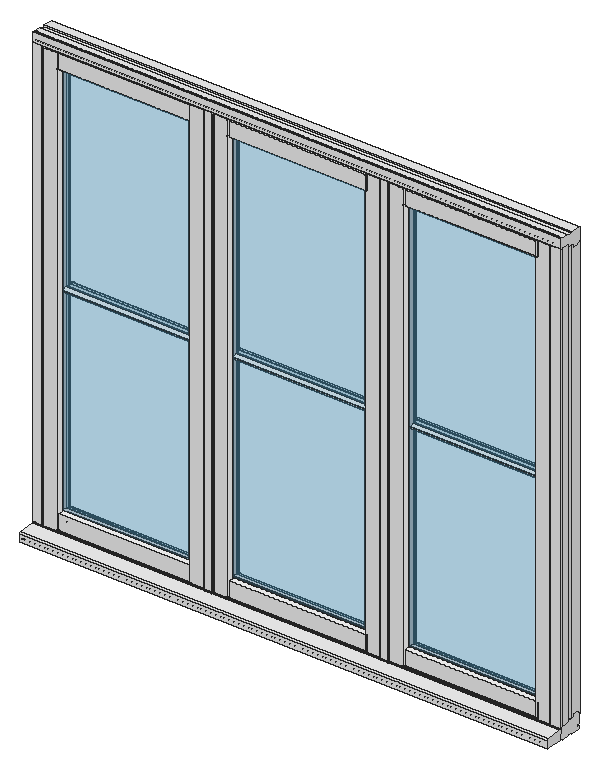
Revit family "C3-2P", category Windows, host Wall, Revit 2012
Parameters
  metal = Matel
  Wood = WindowColor
  Str.Tolrance = 11.0 mm
  Height = 1770.0 mm
  Glass = Glass
  Default Sill Height = 914.4 mm
  Wall Closure = By host
  Width = 2078.0 mm
Reference planes
  plane 1 "Center (Front/Back)": y = 0
  plane 2: z = 0
  plane 3 "Center (Left/Right)": x = 0
  plane 4 "Left": x = -1039
  plane 5 "Right": x = 1039
  plane 6 "Sill": z = 914.4
  plane 7 "Top": z = 2684.4
  plane 8: y = 33.076
  plane 9: z = 2648.4
  plane 10: x = 999
  plane 11: x = -999
  plane 12: z = 2644.4
  plane 13: z = 962.4
  plane 14: x = 941
  plane 15: x = -941
  plane 16: z = 1024.4
  plane 17: z = 2586.4
  plane 18: z = 2628.4
  plane 19: z = 1799.4
  plane 20: x = 346.333
  plane 21: x = -346.333
  plane 22: z = 952.4
  plane 23: x = 32.529
  plane 24: x = 364.333
  plane 25: x = 328.333
  plane 26: x = -364.333
  plane 27: x = -328.333
  plane 28: x = -230.333
Forms (mm)
  Sweep 1, solid, material "Matel" <- "metal"
    path origin (0, 0, 0) x (1, 0, 0) y (0, 0, 1)
      loop
        line (1039, 914.4) -> (1039, 2648.4)
    profile origin (1039, 0, 1781.4) x (-1, 0, 0) y (0, -1, 0)
      loop
        line (0, -10) -> (0, -47) -> (43, -47) -> (43, -44)
        arc (43, -44) -> (50.071, -41.071) -> (53, -34) r 10
        line (53, -34) -> (56, -34) -> (56, -18) -> (36, -18) -> (36, -14) -> (44, -14) -> (44, -4) -> (36, -4) -> (36, -1) -> (44, -1) -> (44, 7) -> (36, 7) -> (36, 31.727)
        arc (36, 31.727) -> (34.922, 33.441) -> (33, 34.079) r 3
        line (33, 34.079) -> (33, 41)
        arc (33, 41) -> (34.834, 41.499) -> (36, 43) r 3
        line (36, 43) -> (36, 47) -> (0, 47) -> (0, 42) -> (2, 42)
        arc (2, 42) -> (5, 39) -> (2, 36) r 3
        line (2, 36) -> (0, 36) -> (0, 10) -> (5, 10) -> (5, -10) -> (0, -10)
  Sweep 2, solid, material "Matel" <- "metal"
    path origin (0, 0, 0) x (1, 0, 0) y (0, 0, 1)
      loop
        line (999, 957.333) -> (999, 2644.4)
    profile origin (999, 0, 1800.867) x (-1, 0, 0) y (0, -1, 0)
      loop
        arc (8, -12.5) -> (8.879, -14.621) -> (11, -15.5) r 3
        line (11, -15.5) -> (52, -15.5) -> (52, 32.5) -> (68, 32.5) -> (68, 34.5) -> (58, 44.5) -> (3, 44.5)
        arc (3, 44.5) -> (0.879, 43.621) -> (0, 41.5) r 3
        line (0, 41.5) -> (0, 39.5)
        arc (0, 39.5) -> (0.879, 37.379) -> (3, 36.5) r 3
        line (3, 36.5) -> (8, 36.5) -> (8, 25.5)
        arc (8, 25.5) -> (8.586, 24.086) -> (10, 23.5) r 2
        line (10, 23.5) -> (10, 5.5)
        arc (10, 5.5) -> (8.586, 4.914) -> (8, 3.5) r 2
        line (8, 3.5) -> (8, -12.5)
  Sweep 3, solid, material "Matel" <- "metal"
    path origin (0, 0, 0) x (-1, 0, 0) y (0, 0, 1)
      loop
        line (1039, 914.4) -> (1039, 2648.4)
    profile origin (-1039, 0, 1781.4) x (-1, 0, 0) y (0, -1, 0)
      loop
        line (0, -10) -> (-5, -10) -> (-5, 10) -> (0, 10) -> (0, 36) -> (-2, 36)
        arc (-2, 36) -> (-5, 39) -> (-2, 42) r 3
        line (-2, 42) -> (0, 42) -> (0, 47) -> (-36, 47) -> (-36, 43)
        arc (-36, 43) -> (-34.834, 41.499) -> (-33, 41) r 3
        line (-33, 41) -> (-33, 34.079)
        arc (-33, 34.079) -> (-34.922, 33.441) -> (-36, 31.727) r 3
        line (-36, 31.727) -> (-36, 7) -> (-44, 7) -> (-44, -1) -> (-36, -1) -> (-36, -4) -> (-44, -4) -> (-44, -14) -> (-36, -14) -> (-36, -18) -> (-56, -18) -> (-56, -34) -> (-53, -34)
        arc (-53, -34) -> (-50.071, -41.071) -> (-43, -44) r 10
        line (-43, -44) -> (-43, -47) -> (0, -47) -> (0, -10)
  Sweep 4, solid, material "Matel" <- "metal"
    path origin (-2484.788, 0, 2651.344) x (0, 0, 1) y (1, 0, 0)
      loop
        line (33.056, 1445.788) -> (33.056, 3523.788)
    profile origin (0, 0, 2684.4) x (0, 0, 1) y (0, -1, 0)
      loop
        line (0, -10) -> (-5, -10) -> (-5, 10) -> (0, 10) -> (0, 36) -> (-2, 36)
        arc (-2, 36) -> (-5, 39) -> (-2, 42) r 3
        line (-2, 42) -> (0, 42) -> (0, 47) -> (-36, 47) -> (-36, 43)
        arc (-36, 43) -> (-34.834, 41.499) -> (-33, 41) r 3
        line (-33, 41) -> (-33, 34.079)
        arc (-33, 34.079) -> (-34.922, 33.441) -> (-36, 31.727) r 3
        line (-36, 31.727) -> (-36, 7) -> (-44, 7) -> (-44, -1) -> (-36, -1) -> (-36, -4) -> (-44, -4) -> (-44, -14) -> (-36, -14) -> (-36, -18) -> (-56, -18) -> (-56, -34) -> (-53, -34)
        arc (-53, -34) -> (-50.071, -41.071) -> (-43, -44) r 10
        line (-43, -44) -> (-43, -47) -> (0, -47) -> (0, -10)
  Sweep 5, solid, material "Matel" <- "metal"
    path origin (0, 0, 0) x (1, 0, 0) y (0, 0, 1)
      loop
        line (1039, 914.4) -> (-1039, 914.4)
    profile origin (0, 0, 914.4) x (0, 0, -1) y (0, -1, 0)
      loop
        line (-55, -46) -> (-20, -46) -> (-20, -36) -> (-10, -36) -> (-10, -46) -> (0, -46) -> (0, -9) -> (-5, -9) -> (-5, 11) -> (0, 11) -> (0, 37) -> (-2, 37)
        arc (-2, 37) -> (-5, 40) -> (-2, 43) r 3
        line (-2, 43) -> (0, 43) -> (0, 48) -> (-23, 48) -> (-23, 43) -> (-38, 43) -> (-38, 48) -> (-41, 48)
        arc (-41, 48) -> (-42.414, 47.414) -> (-43, 46) r 2
        line (-43, 46) -> (-48, 6) -> (-53, 6) -> (-56, -17) -> (-57, -17) -> (-57, -23) -> (-60, -23) -> (-60, -17) -> (-68, -17) -> (-68, -33) -> (-65, -33)
        arc (-65, -33) -> (-62.071, -40.071) -> (-55, -43) r 10
        line (-55, -43) -> (-55, -46)
  Sweep 6, solid, material "Matel" <- "metal"
    path origin (0, 0, 0) x (1, 0, 0) y (0, 0, 1)
      loop
        line (1039, 914.4) -> (-1039, 914.4)
    profile origin (0, 0, 914.4) x (0, 0, -1) y (0, -1, 0)
      loop
        line (-2, 103) -> (0, 103) -> (0, 108) -> (-28, 108)
        arc (-28, 108) -> (-30.068, 107.174) -> (-30.996, 105.149) r 3
        line (-30.996, 105.149) -> (-38, 48) -> (-38, 43) -> (-23, 43) -> (-23, 48) -> (0, 48) -> (0, 97) -> (-2, 97)
        arc (-2, 97) -> (-5, 100) -> (-2, 103) r 3
  Sweep 7, solid, material "Matel" <- "metal"
    path origin (0, 0, 0) x (1, 0, 0) y (0, 0, 1)
      loop
        line (947, 957.4) -> (416.333, 957.4)
    profile origin (681.667, 0, 957.4) x (0, 0, -1) y (0, -1, 0)
      loop
        line (-12, -13) -> (-12, 3)
        arc (-12, 3) -> (-12.586, 4.414) -> (-14, 5) r 2
        line (-14, 5) -> (-14, 23)
        arc (-14, 23) -> (-12.586, 23.586) -> (-12, 25) r 2
        line (-12, 25) -> (-12, 36) -> (-3, 36)
        arc (-3, 36) -> (-0.879, 36.879) -> (0, 39) r 3
        line (0, 39) -> (0, 41)
        arc (0, 41) -> (-0.879, 43.121) -> (-3, 44) r 3
        line (-3, 44) -> (-62, 44) -> (-72, 34) -> (-72, 32) -> (-56, 32) -> (-56, -16) -> (-15, -16)
        arc (-15, -16) -> (-12.879, -15.121) -> (-12, -13) r 3
  Sweep 8, solid, material "Matel" <- "metal"
    path origin (0, 0, 0) x (1, 0, 0) y (0, 0, 1)
      loop
        line (-422.333, 2586.4) -> (-941, 2586.4) -> (-941, 1019.4) -> (-422.333, 1019.4) -> (-422.333, 2586.4)
    profile origin (-681.667, 0, 2586.4) x (0, 0, -1) y (0, -1, 0)
      loop
        line (-1, -10) -> (-1, -7)
        arc (-1, -7) -> (4.657, -4.657) -> (7, 1) r 8
        line (7, 1) -> (10, 1) -> (10, 5) -> (6, 6) -> (6, 9) -> (-6, 9) -> (-6, -10) -> (-1, -10)
  Sweep 9, solid
    path origin (0, 0, 0) x (1, 0, 0) y (0, 0, 1)
      loop
        line (-422.333, 2586.4) -> (-941, 2586.4) -> (-941, 1024.4) -> (-422.333, 1024.4) -> (-422.333, 2586.4)
    profile origin (-681.667, 0, 2586.4) x (0, 0, -1) y (0, -1, 0)
      loop
        line (-6, 13.165) -> (4, 13.165) -> (4, 29.165) -> (-6, 29.165) -> (-6, 13.165)
  Sweep 10, void
    path origin (0, 0, 0) x (1, 0, 0) y (0, 1, 0)
      loop
        line (-1039, 0) -> (1039, 0)
    profile origin (0, 0, 0) x (0, 1, 0) y (0, 0, 1)
      loop
        line (46, 969.4) -> (43, 969.4)
        arc (43, 969.4) -> (40.071, 976.471) -> (33, 979.4) r 10
        line (33, 979.4) -> (33, 982.4) -> (17, 982.4) -> (17, 974.4) -> (23, 974.4) -> (23, 971.4) -> (17, 971.4) -> (17, 970.4) -> (-6, 967.4) -> (-6, 962.4) -> (-46, 957.4)
        arc (-46, 957.4) -> (-47.414, 956.814) -> (-48, 955.4) r 2
        line (-48, 955.4) -> (-48, 952.4) -> (-80.364, 948.378) -> (-105.37, 945.377) -> (-130.37, 942.377)
        arc (-130.37, 942.377) -> (-132.248, 941.386) -> (-133, 939.4) r 3
        line (-133, 939.4) -> (-133, 909.4) -> (57, 909.4) -> (57, 969.4) -> (46, 969.4)
  Sweep 11, void
    path origin (0, 0, 0) x (1, 0, 0) y (0, 1, 0)
      loop
        line (-1039, 0) -> (1039, 0)
    profile origin (0, 0, 0) x (0, 1, 0) y (0, 0, 1)
      loop
        line (47, 2641.4) -> (57, 2641.4) -> (57, 2691.4) -> (-58, 2691.4) -> (-58, 2648.4) -> (-47, 2648.4) -> (-43, 2648.4)
        arc (-43, 2648.4) -> (-41.499, 2649.566) -> (-41, 2651.4) r 3
        line (-41, 2651.4) -> (-34.079, 2651.4)
        arc (-34.079, 2651.4) -> (-33.441, 2649.478) -> (-31.727, 2648.4) r 3
        line (-31.727, 2648.4) -> (-7, 2648.4) -> (-7, 2640.4) -> (1, 2640.4) -> (1, 2648.4) -> (4, 2648.4) -> (4, 2640.4) -> (14, 2640.4) -> (14, 2648.4) -> (18, 2648.4) -> (18, 2628.4) -> (34, 2628.4) -> (34, 2631.4)
        arc (34, 2631.4) -> (41.071, 2634.329) -> (44, 2641.4) r 10
        line (44, 2641.4) -> (47, 2641.4)
  Sweep 12, solid, material "Matel" <- "metal"
    path origin (0, 0, 0) x (1, 0, 0) y (0, 0, 1)
      loop
        line (941, 1799.4) -> (-941, 1799.4)
    profile origin (0, 0, 1799.4) x (0, 0, -1) y (0, -1, 0)
      loop
        line (10, -10.711) -> (-10, -10.711) -> (-10, -16.711) -> (-8, -16.711) -> (-8, -19.211)
        arc (-8, -19.211) -> (-6.294, -23.727) -> (-2.5, -26.711) r 9
        line (-2.5, -26.711) -> (-2.5, -28.711) -> (2.5, -28.711) -> (2.5, -26.711)
        arc (2.5, -26.711) -> (6.294, -23.727) -> (8, -19.211) r 9
        line (8, -19.211) -> (8, -16.711) -> (10, -16.711) -> (10, -10.711)
      loop
        line (10, 18.378) -> (2.551, 26.532) -> (2.551, 28.532) -> (-2.449, 28.532) -> (-2.449, 26.532) -> (-10, 15.578) -> (10, 15.578) -> (10, 18.378)
  Sweep 13, solid, material "Matel" <- "metal"
    path origin (0, 0, 0) x (1, 0, 0) y (0, 0, 1)
      loop
        line (941, 1799.4) -> (-941, 1799.4)
    profile origin (0, 0, 1799.4) x (0, 0, -1) y (0, -1, 0)
      loop
        line (10, -5.465) -> (10, 10.535) -> (-10, 10.535) -> (-10, -5.465) -> (10, -5.465)
  Sweep 14, solid, material "Matel" <- "metal"
    path origin (0, 0, 0) x (1, 0, 0) y (0, 0, 1)
      loop
        line (346.333, 2648.4) -> (346.333, 952.4)
    profile origin (346.333, 0, 1800.4) x (0, -1, 0) y (1, 0, 0)
      loop
        line (43, -13.953) -> (47, -13.953) -> (47, 14.047) -> (43, 14.047)
        arc (43, 14.047) -> (41.586, 13.461) -> (41, 12.047) r 2
        line (41, 12.047) -> (41, 11.047) -> (34, 11.047) -> (34, 12.047)
        arc (34, 12.047) -> (33.414, 13.461) -> (32, 14.047) r 2
        line (32, 14.047) -> (7, 14.047) -> (7, 20.047) -> (-1, 20.047) -> (-1, 14.047) -> (-4, 14.047) -> (-4, 22.047) -> (-14, 22.047) -> (-14, 14.047) -> (-18, 14.047) -> (-18, 34.047) -> (-34, 34.047) -> (-34, 31.047)
        arc (-34, 31.047) -> (-41.071, 28.118) -> (-44, 21.047) r 10
        line (-44, 21.047) -> (-47, 21.047) -> (-47, -20.953) -> (-44, -20.953)
        arc (-44, -20.953) -> (-41.071, -28.024) -> (-34, -30.953) r 10
        line (-34, -30.953) -> (-34, -33.953) -> (-18, -33.953) -> (-18, -13.953) -> (-14, -13.953) -> (-14, -21.953) -> (-4, -21.953) -> (-4, -13.953) -> (-1, -13.953) -> (-1, -19.953) -> (7, -19.953) -> (7, -13.953) -> (32, -13.953)
        arc (32, -13.953) -> (33.414, -13.367) -> (34, -11.953) r 2
        line (34, -11.953) -> (34, -10.953) -> (41, -10.953) -> (41, -11.953)
        arc (41, -11.953) -> (41.586, -13.367) -> (43, -13.953) r 2
  Sweep 15, solid, material "Matel" <- "metal"
    path origin (0, 0, 0) x (-1, 0, 0) y (0, 0, 1)
      loop
        line (346.333, 2648.4) -> (346.333, 952.4)
    profile origin (-346.333, 0, 1800.4) x (0, -1, 0) y (1, 0, 0)
      loop
        arc (43, 13.953) -> (41.586, 13.367) -> (41, 11.953) r 2
        line (41, 11.953) -> (41, 10.953) -> (34, 10.953) -> (34, 11.953)
        arc (34, 11.953) -> (33.414, 13.367) -> (32, 13.953) r 2
        line (32, 13.953) -> (7, 13.953) -> (7, 19.953) -> (-1, 19.953) -> (-1, 13.953) -> (-4, 13.953) -> (-4, 21.953) -> (-14, 21.953) -> (-14, 13.953) -> (-18, 13.953) -> (-18, 33.953) -> (-34, 33.953) -> (-34, 30.953)
        arc (-34, 30.953) -> (-41.071, 28.024) -> (-44, 20.953) r 10
        line (-44, 20.953) -> (-47, 20.953) -> (-47, -21.047) -> (-44, -21.047)
        arc (-44, -21.047) -> (-41.071, -28.118) -> (-34, -31.047) r 10
        line (-34, -31.047) -> (-34, -34.047) -> (-18, -34.047) -> (-18, -14.047) -> (-14, -14.047) -> (-14, -22.047) -> (-4, -22.047) -> (-4, -14.047) -> (-1, -14.047) -> (-1, -20.047) -> (7, -20.047) -> (7, -14.047) -> (32, -14.047)
        arc (32, -14.047) -> (33.414, -13.461) -> (34, -12.047) r 2
        line (34, -12.047) -> (34, -11.047) -> (41, -11.047) -> (41, -12.047)
        arc (41, -12.047) -> (41.586, -13.461) -> (43, -14.047) r 2
        line (43, -14.047) -> (47, -14.047) -> (47, 13.953) -> (43, 13.953)
  Sweep 16, solid, material "Matel" <- "metal"
    path origin (0, 0, 0) x (-1, 0, 0) y (0, 0, 1)
      loop
        line (999, 957.4) -> (999, 2644.4)
    profile origin (-999, 0, 1800.9) x (-1, 0, 0) y (0, -1, 0)
      loop
        line (-8, -12.5) -> (-8, 3.5)
        arc (-8, 3.5) -> (-8.586, 4.914) -> (-10, 5.5) r 2
        line (-10, 5.5) -> (-10, 23.5)
        arc (-10, 23.5) -> (-8.586, 24.086) -> (-8, 25.5) r 2
        line (-8, 25.5) -> (-8, 36.5) -> (-3, 36.5)
        arc (-3, 36.5) -> (-0.879, 37.379) -> (0, 39.5) r 3
        line (0, 39.5) -> (0, 41.5)
        arc (0, 41.5) -> (-0.879, 43.621) -> (-3, 44.5) r 3
        line (-3, 44.5) -> (-58, 44.5) -> (-68, 34.5) -> (-68, 32.5) -> (-52, 32.5) -> (-52, -15.5) -> (-11, -15.5)
        arc (-11, -15.5) -> (-8.879, -14.621) -> (-8, -12.5) r 3
  Sweep 17, solid, material "Matel" <- "metal"
    path origin (0, 0, 0) x (-1, 0, 0) y (0, 0, 1)
      loop
        line (-422.333, 2586.4) -> (-941, 2586.4) -> (-941, 1019.4) -> (-422.333, 1019.4) -> (-422.333, 2586.4)
    profile origin (681.667, 0, 2586.4) x (0, 0, 1) y (0, -1, 0)
      loop
        line (1, -10) -> (6, -10) -> (6, 9) -> (-6, 9) -> (-6, 6) -> (-10, 5) -> (-10, 1) -> (-7, 1)
        arc (-7, 1) -> (-4.657, -4.657) -> (1, -7) r 8
        line (1, -7) -> (1, -10)
  Sweep 18, solid, material "Matel" <- "metal"
    path origin (692.667, 0, 0) x (-1, 0, 0) y (0, 0, 1)
      loop
        line (1021, 957.4) -> (1021, 2644.4)
    profile origin (-328.333, 0, 1800.9) x (-1, 0, 0) y (0, -1, 0)
      loop
        line (-8, -12.5) -> (-8, 3.5)
        arc (-8, 3.5) -> (-8.586, 4.914) -> (-10, 5.5) r 2
        line (-10, 5.5) -> (-10, 23.5)
        arc (-10, 23.5) -> (-8.586, 24.086) -> (-8, 25.5) r 2
        line (-8, 25.5) -> (-8, 36.5) -> (-3, 36.5)
        arc (-3, 36.5) -> (-0.879, 37.379) -> (0, 39.5) r 3
        line (0, 39.5) -> (0, 41.5)
        arc (0, 41.5) -> (-0.879, 43.621) -> (-3, 44.5) r 3
        line (-3, 44.5) -> (-58, 44.5) -> (-68, 34.5) -> (-68, 32.5) -> (-52, 32.5) -> (-52, -15.5) -> (-11, -15.5)
        arc (-11, -15.5) -> (-8.879, -14.621) -> (-8, -12.5) r 3
  Sweep 19, solid, material "Matel" <- "metal"
    path origin (-692.667, 0, 0) x (1, 0, 0) y (0, 0, 1)
      loop
        line (1021, 957.4) -> (1021, 2644.4)
    profile origin (328.333, 0, 1800.9) x (-1, 0, 0) y (0, -1, 0)
      loop
        arc (8, -12.5) -> (8.879, -14.621) -> (11, -15.5) r 3
        line (11, -15.5) -> (52, -15.5) -> (52, 32.5) -> (68, 32.5) -> (68, 34.5) -> (58, 44.5) -> (3, 44.5)
        arc (3, 44.5) -> (0.879, 43.621) -> (0, 41.5) r 3
        line (0, 41.5) -> (0, 39.5)
        arc (0, 39.5) -> (0.879, 37.379) -> (3, 36.5) r 3
        line (3, 36.5) -> (8, 36.5) -> (8, 25.5)
        arc (8, 25.5) -> (8.586, 24.086) -> (10, 23.5) r 2
        line (10, 23.5) -> (10, 5.5)
        arc (10, 5.5) -> (8.586, 4.914) -> (8, 3.5) r 2
        line (8, 3.5) -> (8, -12.5)
  Sweep 20, solid, material "Matel" <- "metal"
    path origin (-4391.593, 0, -190.247) x (0, 0, 1) y (1, 0, 0)
      loop
        line (2834.647, 4115.259) -> (2834.647, 4667.926)
    profile origin (0, 0, 2644.4) x (0, 0, 1) y (0, -1, 0)
      loop
        line (-8, -13) -> (-8, 3)
        arc (-8, 3) -> (-8.586, 4.414) -> (-10, 5) r 2
        line (-10, 5) -> (-10, 23)
        arc (-10, 23) -> (-8.586, 23.586) -> (-8, 25) r 2
        line (-8, 25) -> (-8, 36) -> (-3, 36)
        arc (-3, 36) -> (-0.879, 36.879) -> (0, 39) r 3
        line (0, 39) -> (0, 41)
        arc (0, 41) -> (-0.879, 43.121) -> (-3, 44) r 3
        line (-3, 44) -> (-58, 44) -> (-68, 34) -> (-68, 32) -> (-52, 32) -> (-52, -16) -> (-11, -16)
        arc (-11, -16) -> (-8.879, -15.121) -> (-8, -13) r 3
  Sweep 21, solid, material "Matel" <- "metal"
    path origin (692.667, 0, 0) x (-1, 0, 0) y (0, 0, 1)
      loop
        line (969, 957.4) -> (416.333, 957.4)
    profile origin (0, 0, 957.4) x (0, 0, 1) y (0, -1, 0)
      loop
        arc (12, -13) -> (12.879, -15.121) -> (15, -16) r 3
        line (15, -16) -> (56, -16) -> (56, 32) -> (72, 32) -> (72, 34) -> (62, 44) -> (3, 44)
        arc (3, 44) -> (0.879, 43.121) -> (0, 41) r 3
        line (0, 41) -> (0, 39)
        arc (0, 39) -> (0.879, 36.879) -> (3, 36) r 3
        line (3, 36) -> (12, 36) -> (12, 25)
        arc (12, 25) -> (12.586, 23.586) -> (14, 23) r 2
        line (14, 23) -> (14, 5)
        arc (14, 5) -> (12.586, 4.414) -> (12, 3) r 2
        line (12, 3) -> (12, -13)
  Sweep 22, solid, material "Matel" <- "metal"
    path origin (-1385.333, 0, 0) x (1, 0, 0) y (0, 0, 1)
      loop
        line (969, 957.4) -> (438.333, 957.4)
    profile origin (-681.667, 0, 957.4) x (0, 0, -1) y (0, -1, 0)
      loop
        line (-12, -13) -> (-12, 3)
        arc (-12, 3) -> (-12.586, 4.414) -> (-14, 5) r 2
        line (-14, 5) -> (-14, 23)
        arc (-14, 23) -> (-12.586, 23.586) -> (-12, 25) r 2
        line (-12, 25) -> (-12, 36) -> (-3, 36)
        arc (-3, 36) -> (-0.879, 36.879) -> (0, 39) r 3
        line (0, 39) -> (0, 41)
        arc (0, 41) -> (-0.879, 43.121) -> (-3, 44) r 3
        line (-3, 44) -> (-62, 44) -> (-72, 34) -> (-72, 32) -> (-56, 32) -> (-56, -16) -> (-15, -16)
        arc (-15, -16) -> (-12.879, -15.121) -> (-12, -13) r 3
  Sweep 23, solid, material "Matel" <- "metal"
    path origin (692.667, 0, 0) x (1, 0, 0) y (0, 0, 1)
      loop
        line (-416.333, 2586.4) -> (-969, 2586.4) -> (-969, 1018.4) -> (-416.333, 1018.4) -> (-416.333, 2586.4)
    profile origin (0, 0, 2586.4) x (0, 0, -1) y (0, -1, 0)
      loop
        line (-1, -10) -> (-1, -7)
        arc (-1, -7) -> (4.657, -4.657) -> (7, 1) r 8
        line (7, 1) -> (10, 1) -> (10, 5) -> (6, 6) -> (6, 9) -> (-6, 9) -> (-6, -10) -> (-1, -10)
  Sweep 24, solid
    path origin (0, 0, 0) x (-1, 0, 0) y (0, 0, 1)
      loop
        line (-428.333, 2586.4) -> (-941, 2586.4) -> (-941, 1024.4) -> (-428.333, 1024.4) -> (-428.333, 2586.4)
    profile origin (684.667, 0, 2586.4) x (0, 0, 1) y (0, -1, 0)
      loop
        line (6, 13.165) -> (6, 29.165) -> (-4, 29.165) -> (-4, 13.165) -> (6, 13.165)
  Sweep 25, solid
    path origin (-692.667, 0, 0) x (-1, 0, 0) y (0, 0, 1)
      loop
        line (-422.333, 2586.4) -> (-963, 2586.4) -> (-963, 1024.4) -> (-422.333, 1024.4) -> (-422.333, 2586.4)
    profile origin (0, 0, 2586.4) x (0, 0, 1) y (0, -1, 0)
      loop
        line (6, 13.165) -> (6, 29.165) -> (-4, 29.165) -> (-4, 13.165) -> (6, 13.165)
  Extrusion 26, solid, material "Glass" <- "Glass"
    sketch origin (0, 0, 0) x (1, 0, 0) y (0, 0, 1)
      loop
        line (941, 2586.4) -> (422.333, 2586.4) -> (422.333, 1024.4) -> (941, 1024.4) -> (941, 2586.4)
    from 29.165 to 33.165
  Extrusion 27, solid, material "Glass" <- "Glass"
    sketch origin (0, -42.331, 0) x (1, 0, 0) y (0, 0, -1)
      loop
        line (941, -2586.4) -> (941, -1018.4) -> (422.333, -1018.4) -> (422.333, -2586.4) -> (941, -2586.4)
    from 29.165 to 33.165
  Extrusion 28, solid, material "Glass" <- "Glass"
    sketch origin (0, 0, 0) x (-1, 0, 0) y (0, 0, -1)
      loop
        line (941, -2586.4) -> (941, -1024.4) -> (416.333, -1024.4) -> (416.333, -2586.4) -> (941, -2586.4)
    from 29.165 to 33.165
  Extrusion 29, solid, material "Glass" <- "Glass"
    sketch origin (0, -42.331, 0) x (-1, 0, 0) y (0, 0, 1)
      loop
        line (941, 2586.4) -> (416.333, 2586.4) -> (416.333, 1018.4) -> (941, 1018.4) -> (941, 2586.4)
    from 29.165 to 33.165
  Extrusion 30, solid, material "Glass" <- "Glass"
    sketch origin (700, 0, 0) x (-1, 0, 0) y (0, 0, -1)
      loop
        line (976.333, -2586.4) -> (976.333, -1018.4) -> (423.667, -1018.4) -> (423.667, -2586.4) -> (976.333, -2586.4)
    from 29.165 to 33.165
  Extrusion 31, solid, material "Glass" <- "Glass"
    sketch origin (700, -42.331, 0) x (-1, 0, 0) y (0, 0, 1)
      loop
        line (976.333, 2586.4) -> (423.667, 2586.4) -> (423.667, 1018.4) -> (976.333, 1018.4) -> (976.333, 2586.4)
    from 29.165 to 33.165
  Sweep 32, solid, material "Matel" <- "metal"
    path origin (1369.333, 0, 0) x (-1, 0, 0) y (0, 0, 1)
      loop
        line (1005, 957.4) -> (1005, 2644.4)
    profile origin (364.333, 0, 1800.9) x (-1, 0, 0) y (0, -1, 0)
      loop
        line (-8, -12.5) -> (-8, 3.5)
        arc (-8, 3.5) -> (-8.586, 4.914) -> (-10, 5.5) r 2
        line (-10, 5.5) -> (-10, 23.5)
        arc (-10, 23.5) -> (-8.586, 24.086) -> (-8, 25.5) r 2
        line (-8, 25.5) -> (-8, 36.5) -> (-3, 36.5)
        arc (-3, 36.5) -> (-0.879, 37.379) -> (0, 39.5) r 3
        line (0, 39.5) -> (0, 41.5)
        arc (0, 41.5) -> (-0.879, 43.621) -> (-3, 44.5) r 3
        line (-3, 44.5) -> (-58, 44.5) -> (-68, 34.5) -> (-68, 32.5) -> (-52, 32.5) -> (-52, -15.5) -> (-11, -15.5)
        arc (-11, -15.5) -> (-8.879, -14.621) -> (-8, -12.5) r 3
  Sweep 33, solid, material "Matel" <- "metal"
    path origin (5187.233, 0, 2722.951) x (0, 0, 1) y (-1, 0, 0)
      loop
        line (-78.551, 4240.233) -> (-78.551, 4770.9)
    profile origin (681.667, 0, 2644.4) x (0, 0, -1) y (0, -1, 0)
      loop
        arc (8, -13) -> (8.879, -15.121) -> (11, -16) r 3
        line (11, -16) -> (52, -16) -> (52, 32) -> (68, 32) -> (68, 34) -> (58, 44) -> (3, 44)
        arc (3, 44) -> (0.879, 43.121) -> (0, 41) r 3
        line (0, 41) -> (0, 39)
        arc (0, 39) -> (0.879, 36.879) -> (3, 36) r 3
        line (3, 36) -> (8, 36) -> (8, 25)
        arc (8, 25) -> (8.586, 23.586) -> (10, 23) r 2
        line (10, 23) -> (10, 5)
        arc (10, 5) -> (8.586, 4.414) -> (8, 3) r 2
        line (8, 3) -> (8, -13)
  Sweep 34, solid, material "Matel" <- "metal"
    path origin (-1363.333, 0, 0) x (1, 0, 0) y (0, 0, 1)
      loop
        line (999, 957.4) -> (999, 2644.4)
    profile origin (-364.333, 0, 1800.9) x (-1, 0, 0) y (0, -1, 0)
      loop
        arc (8, -12.5) -> (8.879, -14.621) -> (11, -15.5) r 3
        line (11, -15.5) -> (52, -15.5) -> (52, 32.5) -> (68, 32.5) -> (68, 34.5) -> (58, 44.5) -> (3, 44.5)
        arc (3, 44.5) -> (0.879, 43.621) -> (0, 41.5) r 3
        line (0, 41.5) -> (0, 39.5)
        arc (0, 39.5) -> (0.879, 37.379) -> (3, 36.5) r 3
        line (3, 36.5) -> (8, 36.5) -> (8, 25.5)
        arc (8, 25.5) -> (8.586, 24.086) -> (10, 23.5) r 2
        line (10, 23.5) -> (10, 5.5)
        arc (10, 5.5) -> (8.586, 4.914) -> (8, 3.5) r 2
        line (8, 3.5) -> (8, -12.5)
  Sweep 35, solid, material "Matel" <- "metal"
    path origin (-801.328, 0, 3154.732) x (0, 0, 1) y (-1, 0, 0)
      loop
        line (-510.332, -384.995) -> (-510.332, 145.672)
    profile origin (-681.667, 0, 2644.4) x (0, 0, -1) y (0, -1, 0)
      loop
        arc (8, -13) -> (8.879, -15.121) -> (11, -16) r 3
        line (11, -16) -> (52, -16) -> (52, 32) -> (68, 32) -> (68, 34) -> (58, 44) -> (3, 44)
        arc (3, 44) -> (0.879, 43.121) -> (0, 41) r 3
        line (0, 41) -> (0, 39)
        arc (0, 39) -> (0.879, 36.879) -> (3, 36) r 3
        line (3, 36) -> (8, 36) -> (8, 25)
        arc (8, 25) -> (8.586, 23.586) -> (10, 23) r 2
        line (10, 23) -> (10, 5)
        arc (10, 5) -> (8.586, 4.414) -> (8, 3) r 2
        line (8, 3) -> (8, -13)
Cuts and joins
  Sweep 10, Sweep 11 cuts Sweep 1
  Sweep 10 cuts Sweep 2
  Sweep 10, Sweep 11 cuts Sweep 3
Lines and regions (mm)
  Opening 1
    outline origin (-1524, -47, 0) x (1, 0, 0) y (0, 0, 1)
      loop
        line (485, 2684.4) -> (485, 914.4) -> (2563, 914.4) -> (2563, 2684.4) -> (485, 2684.4)
Text (mm)
  text "EXTERIOR" at (-1490.695, 1293.036, 0), in view "Ref. Level"
  text "INTERIOR" at (-1490.695, -959.266, 0), in view "Ref. Level"
  text "Exterior" at (0, 1108.87, 3129.179), in view "Left"
  text "Exterior" at (0, 464.664, 3176.206), in view "Right"
Dimensions and locks
  equal spacing: plane 4 "Left", plane 3 "Center (Left/Right)", plane 5 "Right"
  "Height": plane 6 "Sill" to plane 7 "Top"
  "Default Sill Height": plane 2 to plane 6 "Sill"
  plane 6 "Sill" to plane 7 "Top" = 1770.0 mm
  "Width": plane 4 "Left" to plane 5 "Right"
  locked: plane 9 to plane 7 "Top" at 36
  plane 10 to plane 5 "Right" = 40.0 mm
  plane 11 to plane 4 "Left" = 40.0 mm
  locked: plane 12 to plane 7 "Top" at 40
  locked: plane 6 "Sill" to plane 13 at 48
  locked: plane 5 "Right" to plane 14 at 98
  locked: plane 4 "Left" to plane 15 at 98
  locked: plane 6 "Sill" to plane 16 at 110
  locked: plane 17 to plane 7 "Top" at 98
  equal spacing: plane 6 "Sill", plane 19, plane 7 "Top"
  locked: plane 6 "Sill" to plane 22 at 38
  equal spacing: plane 4 "Left", plane 21, plane 20, plane 5 "Right"
  equal spacing: plane 25, plane 20, plane 24
  equal spacing: plane 26, plane 21, plane 27
  locked: Extrusion 26 to Extrusion 26 at 4
  locked: Extrusion 27 to Extrusion 27 at 4
  locked: Extrusion 28 to Extrusion 28 at 4
  locked: Extrusion 29 to Extrusion 29 at 4
  locked: Extrusion 30 to Extrusion 30 at 4
  locked: Extrusion 31 to Extrusion 31 at 4
  aligned and locked: plane 7 "Top" to Opening 1 sketch curve
  aligned and locked: plane 6 "Sill" to Opening 1 sketch curve  (x2)
  aligned and locked: plane 5 "Right" to Opening 1 sketch curve
  aligned and locked: plane 4 "Left" to Opening 1 sketch curve
  aligned and locked: level to plane 2
  aligned and locked: plane 5 "Right" to Sweep 1 sketch curve
  aligned and locked: plane 10 to Sweep 2 sketch curve
  aligned and locked: plane 9 to Sweep 1 sketch curve
  aligned and locked: plane 4 "Left" to Sweep 3 sketch curve
  aligned and locked: plane 9 to Sweep 3 sketch curve
  aligned and locked: plane 5 "Right" to Sweep 4 sketch curve
  aligned and locked: plane 4 "Left" to Sweep 4 sketch curve
  aligned and locked: plane 4 "Left" to Sweep 5 sketch curve
  aligned and locked: plane 5 "Right" to Sweep 5 sketch curve
  aligned and locked: Sweep 8 sketch curve to plane 15
  aligned and locked: Sweep 8 sketch curve to plane 17
  aligned and locked: Sweep 9 sketch curve to plane 15
  aligned and locked: Sweep 9 sketch curve to plane 17
  aligned and locked: Sweep 9 sketch curve to plane 16
  aligned and locked: plane 6 "Sill" to Sweep 5
  aligned and locked: plane 6 "Sill" to Sweep 6
  aligned and locked: Sweep 4 to plane 7 "Top"
  aligned and locked: Sweep 7 sketch curve to Sweep 5
  aligned and locked: plane 14 to Sweep 12 sketch curve
  aligned and locked: plane 15 to Sweep 12 sketch curve
  aligned and locked: Sweep 12 sketch curve to plane 19
  aligned and locked: plane 14 to Sweep 13 sketch curve
  aligned and locked: plane 15 to Sweep 13 sketch curve
  aligned and locked: Sweep 13 sketch curve to plane 19
  aligned and locked: Sweep 14 sketch curve to plane 20
  aligned and locked: plane 22 to Sweep 14 sketch curve
  aligned and locked: plane 22 to Sweep 15 sketch curve
  aligned and locked: Sweep 15 sketch curve to plane 21
  aligned and locked: Sweep 16 sketch curve to plane 11
  aligned and locked: Sweep 8 sketch curve to Sweep 7
  aligned and locked: plane 14 to Sweep 17 sketch curve
  aligned and locked: plane 17 to Sweep 17 sketch curve
  aligned and locked: Sweep 17 sketch curve to Sweep 7
  aligned and locked: Sweep 18 sketch curve to plane 27
  aligned and locked: Sweep 19 sketch curve to plane 25
  aligned and locked: plane 12 to Sweep 19 sketch curve
  aligned and locked: plane 12 to Sweep 20 sketch curve
  aligned and locked: Sweep 9 to Sweep 23 sketch curve
  aligned and locked: Sweep 23 sketch curve to Sweep 21  (x2)
  aligned and locked: plane 14 to Sweep 24 sketch curve
  aligned and locked: plane 17 to Sweep 24 sketch curve
  aligned and locked: Sweep 24 sketch curve to Sweep 17
  aligned and locked: Sweep 25 sketch curve to Sweep 23  (x2)
  aligned and locked: Extrusion 26 sketch curve to plane 14
  aligned and locked: Extrusion 26 to Sweep 24
  aligned and locked: Extrusion 26 sketch curve to plane 16
  aligned and locked: Extrusion 26 sketch curve to plane 17
  aligned and locked: Extrusion 26 sketch curve to Sweep 24
  aligned and locked: Extrusion 27 sketch curve to Sweep 24
  aligned and locked: Extrusion 27 sketch curve to plane 17
  aligned and locked: Extrusion 27 sketch curve to plane 14
  aligned and locked: Sweep 17 to Extrusion 27 sketch curve
  aligned and locked: Extrusion 28 sketch curve to plane 17
  aligned and locked: plane 15 to Extrusion 28 sketch curve
  aligned and locked: Extrusion 28 sketch curve to plane 16
  aligned and locked: Extrusion 28 sketch curve to Sweep 22
  aligned and locked: plane 15 to Extrusion 29 sketch curve
  aligned and locked: Extrusion 29 sketch curve to Sweep 22
  aligned and locked: Sweep 9 to Extrusion 29 sketch curve
  aligned and locked: Extrusion 29 sketch curve to plane 17
  aligned and locked: Extrusion 30 sketch curve to Sweep 21
  aligned and locked: plane 17 to Extrusion 30 sketch curve
  aligned and locked: Sweep 25 to Extrusion 30 sketch curve
  aligned and locked: Sweep 20 to Extrusion 31 sketch curve
  aligned and locked: plane 17 to Extrusion 31 sketch curve
  aligned and locked: Extrusion 31 sketch curve to Sweep 20
  aligned and locked: Sweep 25 to Extrusion 31 sketch curve
  aligned and locked: plane 24 to Sweep 32 sketch curve
  aligned and locked: Sweep 33 sketch curve to plane 12
  aligned and locked: plane 26 to Sweep 34 sketch curve
  aligned and locked: Sweep 35 sketch curve to plane 12
  aligned and locked: plane 9 to Sweep 15 sketch curve
  aligned and locked: plane 9 to Sweep 14 sketch curve
Automatic sketch dimensions
  Sweep 1 sketch curve to plane 6 "Sill" = 0.0 mm
  Sweep 1 sketch curve to profile plane = 0.0 mm  (x3)
  Sweep 1 sketch curve to profile plane = 2.0 mm
  Sweep 1 sketch curve to Sweep 1 sketch curve = 5.0 mm  (x2)
  Sweep 1 sketch curve to Sweep 1 sketch curve = 31.0 mm  (x2)
  Sweep 1 sketch curve to Sweep 1 sketch curve = 0.071 mm
  Sweep 1 sketch curve to Sweep 1 sketch curve = 0.17 mm
  Sweep 1 sketch curve to plane 1 "Center (Front/Back)" = 4.0 mm
  Sweep 1 sketch curve to Sweep 1 sketch curve = 0.0 mm  (x3)
  Sweep 1 sketch curve to Sweep 1 sketch curve = 2.83 mm
  Sweep 1 sketch curve to Sweep 1 sketch curve = 7.0 mm
  Sweep 1 sketch curve to Sweep 1 sketch curve = 8.0 mm
  Sweep 1 sketch curve to plane 1 "Center (Front/Back)" = 1.0 mm
  Sweep 1 sketch curve to Sweep 1 sketch curve = 10.0 mm  (x2)
  Sweep 1 sketch curve to Sweep 1 sketch curve = 12.0 mm
  Sweep 1 sketch curve to plane 1 "Center (Front/Back)" = 10.0 mm
  Sweep 1 sketch curve to Sweep 1 sketch curve = 4.0 mm
  Sweep 1 sketch curve to Sweep 1 sketch curve = 16.0 mm
  Sweep 1 sketch curve to Sweep 1 sketch curve = 3.0 mm  (x2)
  plane 1 "Center (Front/Back)" to Sweep 1 sketch curve = 7.0 mm
  plane 1 "Center (Front/Back)" to Sweep 1 sketch curve = 10.0 mm
  Sweep 1 sketch curve to Sweep 1 sketch curve = 24.08 mm
  Sweep 1 sketch curve to Sweep 1 sketch curve = 0.647 mm
  Sweep 1 sketch curve to Sweep 1 sketch curve = 26.0 mm
  Sweep 1 sketch curve to Sweep 1 sketch curve = 6.921 mm
  Sweep 1 sketch curve to Sweep 1 sketch curve = 2.0 mm
  Sweep 2 sketch curve to profile plane = 0.0 mm
  Sweep 2 sketch curve to profile plane = 3.0 mm
  Sweep 2 sketch curve to Sweep 2 sketch curve = 0.0 mm
  Sweep 2 sketch curve to profile plane = 8.0 mm
  Sweep 2 sketch curve to Sweep 2 sketch curve = 5.0 mm
  Sweep 2 sketch curve to Sweep 2 sketch curve = 2.0 mm  (x3)
  Sweep 2 sketch curve to Sweep 2 sketch curve = 3.0 mm
  Sweep 2 sketch curve to plane 1 "Center (Front/Back)" = 15.5 mm
  Sweep 2 sketch curve to Sweep 2 sketch curve = 41.0 mm
  Sweep 2 sketch curve to Sweep 2 sketch curve = 6.0 mm
  Sweep 2 sketch curve to Sweep 2 sketch curve = 10.0 mm
  plane 1 "Center (Front/Back)" to Sweep 2 sketch curve = 3.5 mm
  Sweep 2 sketch curve to Sweep 2 sketch curve = 18.0 mm
  plane 1 "Center (Front/Back)" to Sweep 2 sketch curve = 32.5 mm
  Sweep 2 sketch curve to Sweep 2 sketch curve = 11.0 mm
  Sweep 3 sketch curve to plane 6 "Sill" = 0.0 mm
  Sweep 3 sketch curve to profile plane = 0.0 mm  (x3)
  Sweep 3 sketch curve to Sweep 3 sketch curve = 2.0 mm  (x2)
  Sweep 3 sketch curve to Sweep 3 sketch curve = 5.0 mm  (x2)
  Sweep 3 sketch curve to Sweep 3 sketch curve = 31.0 mm
  Sweep 3 sketch curve to Sweep 3 sketch curve = 0.071 mm
  Sweep 3 sketch curve to Sweep 3 sketch curve = 0.17 mm
  plane 1 "Center (Front/Back)" to Sweep 3 sketch curve = 7.0 mm
  Sweep 3 sketch curve to Sweep 3 sketch curve = 2.929 mm
  Sweep 3 sketch curve to Sweep 3 sketch curve = 2.83 mm
  Sweep 3 sketch curve to plane 1 "Center (Front/Back)" = 1.0 mm
  Sweep 3 sketch curve to Sweep 3 sketch curve = 0.0 mm  (x3)
  Sweep 3 sketch curve to Sweep 3 sketch curve = 7.0 mm
  Sweep 3 sketch curve to Sweep 3 sketch curve = 8.0 mm
  Sweep 3 sketch curve to Sweep 3 sketch curve = 10.0 mm  (x2)
  Sweep 3 sketch curve to Sweep 3 sketch curve = 3.0 mm  (x4)
  Sweep 3 sketch curve to plane 1 "Center (Front/Back)" = 10.0 mm
  Sweep 3 sketch curve to Sweep 3 sketch curve = 4.0 mm
  Sweep 3 sketch curve to Sweep 3 sketch curve = 16.0 mm
  plane 1 "Center (Front/Back)" to Sweep 3 sketch curve = 10.0 mm
  Sweep 3 sketch curve to Sweep 3 sketch curve = 24.08 mm
  Sweep 3 sketch curve to Sweep 3 sketch curve = 0.647 mm
  Sweep 3 sketch curve to Sweep 3 sketch curve = 26.0 mm
  Sweep 3 sketch curve to Sweep 3 sketch curve = 6.921 mm
  Sweep 4 sketch curve to plane 7 "Top" = 0.0 mm
  profile plane to Sweep 4 sketch curve = 0.0 mm  (x3)
  Sweep 4 sketch curve to Sweep 4 sketch curve = 2.0 mm  (x2)
  Sweep 4 sketch curve to Sweep 4 sketch curve = 5.0 mm  (x2)
  Sweep 4 sketch curve to Sweep 4 sketch curve = 31.0 mm
  Sweep 4 sketch curve to Sweep 4 sketch curve = 0.071 mm
  Sweep 4 sketch curve to Sweep 4 sketch curve = 0.17 mm
  plane 1 "Center (Front/Back)" to Sweep 4 sketch curve = 7.0 mm
  Sweep 4 sketch curve to Sweep 4 sketch curve = 2.929 mm
  Sweep 4 sketch curve to Sweep 4 sketch curve = 2.83 mm
  Sweep 4 sketch curve to plane 1 "Center (Front/Back)" = 1.0 mm
  Sweep 4 sketch curve to Sweep 4 sketch curve = 0.0 mm  (x3)
  Sweep 4 sketch curve to Sweep 4 sketch curve = 7.0 mm
  Sweep 4 sketch curve to Sweep 4 sketch curve = 8.0 mm
  Sweep 4 sketch curve to Sweep 4 sketch curve = 10.0 mm  (x2)
  Sweep 4 sketch curve to Sweep 4 sketch curve = 3.0 mm  (x4)
  Sweep 4 sketch curve to plane 1 "Center (Front/Back)" = 10.0 mm
  Sweep 4 sketch curve to Sweep 4 sketch curve = 4.0 mm
  Sweep 4 sketch curve to Sweep 4 sketch curve = 16.0 mm
  plane 1 "Center (Front/Back)" to Sweep 4 sketch curve = 10.0 mm
  Sweep 4 sketch curve to Sweep 4 sketch curve = 24.08 mm
  Sweep 4 sketch curve to Sweep 4 sketch curve = 0.647 mm
  Sweep 4 sketch curve to Sweep 4 sketch curve = 26.0 mm
  Sweep 4 sketch curve to Sweep 4 sketch curve = 6.921 mm
  Sweep 5 sketch curve to plane 6 "Sill" = 0.0 mm
  Sweep 5 sketch curve to profile plane = 0.0 mm  (x3)
  profile plane to Sweep 5 sketch curve = 2.0 mm
  profile plane to Sweep 5 sketch curve = 5.0 mm
  profile plane to Sweep 5 sketch curve = 10.0 mm
  Sweep 5 sketch curve to Sweep 5 sketch curve = 10.0 mm  (x5)
  Sweep 5 sketch curve to Sweep 5 sketch curve = 21.0 mm
  Sweep 5 sketch curve to Sweep 5 sketch curve = 15.0 mm
  Sweep 5 sketch curve to Sweep 5 sketch curve = 3.0 mm  (x6)
  Sweep 5 sketch curve to Sweep 5 sketch curve = 2.0 mm
  plane 1 "Center (Front/Back)" to Sweep 5 sketch curve = 6.0 mm
  Sweep 5 sketch curve to Sweep 5 sketch curve = 5.0 mm  (x2)
  Sweep 5 sketch curve to Sweep 5 sketch curve = 35.0 mm
  Sweep 5 sketch curve to plane 1 "Center (Front/Back)" = 17.0 mm
  Sweep 5 sketch curve to Sweep 5 sketch curve = 1.0 mm  (x2)
  Sweep 5 sketch curve to Sweep 5 sketch curve = 0.0 mm  (x2)
  Sweep 5 sketch curve to Sweep 5 sketch curve = 6.0 mm
  Sweep 5 sketch curve to plane 1 "Center (Front/Back)" = 36.0 mm
  Sweep 5 sketch curve to plane 1 "Center (Front/Back)" = 9.0 mm
  plane 1 "Center (Front/Back)" to Sweep 5 sketch curve = 11.0 mm
  Sweep 5 sketch curve to Sweep 5 sketch curve = 26.0 mm
  plane 4 "Left" to Sweep 6 sketch curve = 0.0 mm
  plane 5 "Right" to Sweep 6 sketch curve = 0.0 mm
  Sweep 6 sketch curve to plane 6 "Sill" = 0.0 mm
  Sweep 6 sketch curve to profile plane = 0.0 mm  (x2)
  Sweep 6 sketch curve to Sweep 6 sketch curve = 2.0 mm  (x2)
  Sweep 6 sketch curve to Sweep 6 sketch curve = 23.0 mm
  Sweep 6 sketch curve to Sweep 6 sketch curve = 26.0 mm
  Sweep 6 sketch curve to Sweep 6 sketch curve = 2.996 mm
  Sweep 6 sketch curve to Sweep 6 sketch curve = 15.0 mm
  plane 1 "Center (Front/Back)" to Sweep 6 sketch curve = 43.0 mm
  Sweep 6 sketch curve to Sweep 6 sketch curve = 5.0 mm  (x2)
  Sweep 6 sketch curve to Sweep 6 sketch curve = 49.0 mm
  Sweep 6 sketch curve to Sweep 6 sketch curve = 3.0 mm
  Sweep 6 sketch curve to Sweep 6 sketch curve = 0.149 mm
  Sweep 7 sketch curve to profile plane = 0.0 mm
  profile plane to Sweep 7 sketch curve = 3.0 mm  (x2)
  profile plane to Sweep 7 sketch curve = 12.0 mm  (x2)
  Sweep 7 sketch curve to Sweep 7 sketch curve = 2.0 mm  (x3)
  Sweep 7 sketch curve to Sweep 7 sketch curve = 3.0 mm
  Sweep 7 sketch curve to Sweep 7 sketch curve = 42.0 mm
  Sweep 7 sketch curve to Sweep 7 sketch curve = 6.0 mm
  Sweep 7 sketch curve to Sweep 7 sketch curve = 10.0 mm
  Sweep 7 sketch curve to plane 1 "Center (Front/Back)" = 16.0 mm
  plane 1 "Center (Front/Back)" to Sweep 7 sketch curve = 3.0 mm
  Sweep 7 sketch curve to Sweep 7 sketch curve = 18.0 mm
  plane 1 "Center (Front/Back)" to Sweep 7 sketch curve = 32.0 mm
  Sweep 7 sketch curve to Sweep 7 sketch curve = 11.0 mm
  plane 26 to Sweep 8 sketch curve = 58.0 mm
  profile plane to Sweep 8 sketch curve = 6.0 mm
  profile plane to Sweep 8 sketch curve = 1.0 mm
  Sweep 8 sketch curve to profile plane = 6.0 mm
  plane 1 "Center (Front/Back)" to Sweep 8 sketch curve = 1.0 mm
  Sweep 8 sketch curve to Sweep 8 sketch curve = 1.0 mm  (x2)
  plane 1 "Center (Front/Back)" to Sweep 8 sketch curve = 5.0 mm
  Sweep 8 sketch curve to Sweep 8 sketch curve = 4.0 mm
  Sweep 8 sketch curve to Sweep 8 sketch curve = 3.0 mm
  plane 1 "Center (Front/Back)" to Sweep 8 sketch curve = 9.0 mm
  plane 26 to Sweep 9 sketch curve = 58.0 mm
  profile plane to Sweep 9 sketch curve = 6.0 mm
  Sweep 9 sketch curve to profile plane = 4.0 mm
  plane 1 "Center (Front/Back)" to Sweep 9 sketch curve = 13.165 mm
  Sweep 9 sketch curve to Sweep 9 sketch curve = 16.0 mm
  plane 1 "Center (Front/Back)" to Sweep 10 sketch curve = 0.0 mm
  Sweep 10 sketch curve to plane 4 "Left" = 0.0 mm
  Sweep 10 sketch curve to plane 5 "Right" = 0.0 mm
  profile plane to Sweep 10 sketch curve = 133.0 mm
  Sweep 10 sketch curve to Sweep 10 sketch curve = 2.63 mm
  Sweep 10 sketch curve to Sweep 10 sketch curve = 3.0 mm  (x6)
  Sweep 10 sketch curve to Sweep 10 sketch curve = 25.0 mm
  Sweep 10 sketch curve to Sweep 10 sketch curve = 25.006 mm
  Sweep 10 sketch curve to Sweep 10 sketch curve = 32.364 mm
  Sweep 10 sketch curve to Sweep 10 sketch curve = 2.0 mm  (x2)
  profile plane to Sweep 10 sketch curve = 6.0 mm
  Sweep 10 sketch curve to profile plane = 17.0 mm
  Sweep 10 sketch curve to Sweep 10 sketch curve = 0.0 mm
  Sweep 10 sketch curve to Sweep 10 sketch curve = 6.0 mm
  Sweep 10 sketch curve to Sweep 10 sketch curve = 10.0 mm  (x2)
  Sweep 10 sketch curve to Sweep 10 sketch curve = 11.0 mm
  level to Sweep 10 sketch curve = 909.4 mm
  Sweep 10 sketch curve to Sweep 10 sketch curve = 30.0 mm
  Sweep 10 sketch curve to Sweep 10 sketch curve = 3.001 mm
  Sweep 10 sketch curve to Sweep 10 sketch curve = 4.022 mm
  Sweep 10 sketch curve to Sweep 10 sketch curve = 5.0 mm  (x2)
  Sweep 10 sketch curve to Sweep 10 sketch curve = 1.0 mm  (x2)
  plane 1 "Center (Front/Back)" to Sweep 11 sketch curve = 0.0 mm
  Sweep 11 sketch curve to plane 4 "Left" = 0.0 mm
  Sweep 11 sketch curve to plane 5 "Right" = 0.0 mm
  profile plane to Sweep 11 sketch curve = 58.0 mm
  Sweep 11 sketch curve to Sweep 11 sketch curve = 11.0 mm
  Sweep 11 sketch curve to Sweep 11 sketch curve = 3.005 mm
  Sweep 11 sketch curve to Sweep 11 sketch curve = 0.995 mm
  Sweep 11 sketch curve to Sweep 11 sketch curve = 2.995 mm
  Sweep 11 sketch curve to Sweep 11 sketch curve = 6.921 mm
  Sweep 11 sketch curve to Sweep 11 sketch curve = 2.353 mm
  Sweep 11 sketch curve to Sweep 11 sketch curve = 0.647 mm
  profile plane to Sweep 11 sketch curve = 7.0 mm
  Sweep 11 sketch curve to profile plane = 1.0 mm
  Sweep 11 sketch curve to Sweep 11 sketch curve = 3.0 mm  (x3)
  Sweep 11 sketch curve to Sweep 11 sketch curve = 10.0 mm  (x3)
  Sweep 11 sketch curve to Sweep 11 sketch curve = 4.0 mm
  Sweep 11 sketch curve to Sweep 11 sketch curve = 16.0 mm
  level to Sweep 11 sketch curve = 2628.4 mm
  Sweep 11 sketch curve to Sweep 11 sketch curve = 12.0 mm
  Sweep 11 sketch curve to Sweep 11 sketch curve = 0.0 mm  (x3)
  Sweep 11 sketch curve to Sweep 11 sketch curve = 8.0 mm  (x2)
  Sweep 11 sketch curve to Sweep 11 sketch curve = 2.83 mm
  Sweep 11 sketch curve to Sweep 11 sketch curve = 50.0 mm
  profile plane to Sweep 12 sketch curve = 10.0 mm  (x2)
  Sweep 12 sketch curve to Sweep 12 sketch curve = 2.0 mm  (x5)
  profile plane to Sweep 12 sketch curve = 2.5 mm
  profile plane to Sweep 12 sketch curve = 2.449 mm
  profile plane to Sweep 12 sketch curve = 0.964 mm
  Sweep 12 sketch curve to profile plane = 0.964 mm
  Sweep 12 sketch curve to profile plane = 2.5 mm
  Sweep 12 sketch curve to profile plane = 2.551 mm
  Sweep 12 sketch curve to Sweep 12 sketch curve = 7.036 mm
  Sweep 12 sketch curve to profile plane = 10.0 mm
  Sweep 12 sketch curve to plane 1 "Center (Front/Back)" = 28.711 mm
  Sweep 12 sketch curve to Sweep 12 sketch curve = 7.5 mm
  Sweep 12 sketch curve to Sweep 12 sketch curve = 0.807 mm
  Sweep 12 sketch curve to Sweep 12 sketch curve = 2.5 mm  (x2)
  Sweep 12 sketch curve to Sweep 12 sketch curve = 6.0 mm
  plane 1 "Center (Front/Back)" to Sweep 12 sketch curve = 15.578 mm
  Sweep 12 sketch curve to Sweep 12 sketch curve = 2.8 mm
  Sweep 12 sketch curve to Sweep 12 sketch curve = 8.154 mm
  Sweep 12 sketch curve to Sweep 12 sketch curve = 0.0 mm
  profile plane to Sweep 13 sketch curve = 10.0 mm
  Sweep 13 sketch curve to profile plane = 10.0 mm
  Sweep 13 sketch curve to plane 1 "Center (Front/Back)" = 5.465 mm
  plane 1 "Center (Front/Back)" to Sweep 13 sketch curve = 10.535 mm
  profile plane to Sweep 14 sketch curve = 20.953 mm
  Sweep 14 sketch curve to plane 1 "Center (Front/Back)" = 47.0 mm
  Sweep 14 sketch curve to Sweep 14 sketch curve = 3.0 mm  (x3)
  Sweep 14 sketch curve to Sweep 14 sketch curve = 10.0 mm  (x2)
  Sweep 14 sketch curve to Sweep 14 sketch curve = 16.0 mm  (x2)
  Sweep 14 sketch curve to Sweep 14 sketch curve = 4.0 mm  (x3)
  Sweep 14 sketch curve to plane 1 "Center (Front/Back)" = 4.0 mm  (x2)
  Sweep 14 sketch curve to plane 1 "Center (Front/Back)" = 1.0 mm  (x2)
  plane 1 "Center (Front/Back)" to Sweep 14 sketch curve = 7.0 mm  (x2)
  Sweep 14 sketch curve to profile plane = 12.047 mm
  Sweep 14 sketch curve to Sweep 14 sketch curve = 25.0 mm  (x2)
  Sweep 14 sketch curve to Sweep 14 sketch curve = 2.0 mm  (x5)
  Sweep 14 sketch curve to Sweep 14 sketch curve = 7.0 mm  (x2)
  Sweep 14 sketch curve to Sweep 14 sketch curve = 12.0 mm  (x2)
  profile plane to Sweep 14 sketch curve = 13.953 mm
  Sweep 14 sketch curve to Sweep 14 sketch curve = 6.0 mm  (x3)
  Sweep 14 sketch curve to Sweep 14 sketch curve = 8.0 mm  (x2)
  Sweep 14 sketch curve to Sweep 14 sketch curve = 1.0 mm  (x3)
  Sweep 14 sketch curve to profile plane = 14.047 mm
  Sweep 14 sketch curve to Sweep 14 sketch curve = 0.0 mm
  Sweep 14 sketch curve to profile plane = 21.047 mm
  Sweep 15 sketch curve to profile plane = 20.953 mm
  Sweep 15 sketch curve to plane 1 "Center (Front/Back)" = 47.0 mm
  Sweep 15 sketch curve to Sweep 15 sketch curve = 3.0 mm  (x3)
  Sweep 15 sketch curve to Sweep 15 sketch curve = 10.0 mm  (x2)
  Sweep 15 sketch curve to Sweep 15 sketch curve = 16.0 mm  (x2)
  Sweep 15 sketch curve to Sweep 15 sketch curve = 4.0 mm  (x3)
  Sweep 15 sketch curve to plane 1 "Center (Front/Back)" = 4.0 mm  (x2)
  Sweep 15 sketch curve to plane 1 "Center (Front/Back)" = 1.0 mm  (x2)
  plane 1 "Center (Front/Back)" to Sweep 15 sketch curve = 7.0 mm  (x2)
  profile plane to Sweep 15 sketch curve = 12.047 mm
  Sweep 15 sketch curve to Sweep 15 sketch curve = 25.0 mm  (x2)
  Sweep 15 sketch curve to Sweep 15 sketch curve = 2.0 mm  (x5)
  Sweep 15 sketch curve to Sweep 15 sketch curve = 7.0 mm  (x2)
  Sweep 15 sketch curve to Sweep 15 sketch curve = 0.0 mm  (x2)
  Sweep 15 sketch curve to Sweep 15 sketch curve = 6.0 mm  (x2)
  profile plane to Sweep 15 sketch curve = 21.047 mm
  Sweep 15 sketch curve to Sweep 15 sketch curve = 8.0 mm  (x3)
  Sweep 15 sketch curve to Sweep 15 sketch curve = 12.0 mm
  Sweep 15 sketch curve to Sweep 15 sketch curve = 1.0 mm  (x3)
  Sweep 15 sketch curve to profile plane = 10.953 mm
  Sweep 15 sketch curve to profile plane = 13.953 mm
  Sweep 16 sketch curve to profile plane = 0.0 mm
  profile plane to Sweep 16 sketch curve = 3.0 mm  (x2)
  profile plane to Sweep 16 sketch curve = 8.0 mm  (x2)
  Sweep 16 sketch curve to Sweep 16 sketch curve = 2.0 mm  (x3)
  Sweep 16 sketch curve to Sweep 16 sketch curve = 3.0 mm
  Sweep 16 sketch curve to Sweep 16 sketch curve = 42.0 mm
  Sweep 16 sketch curve to Sweep 16 sketch curve = 6.0 mm
  Sweep 16 sketch curve to Sweep 16 sketch curve = 10.0 mm
  Sweep 16 sketch curve to plane 1 "Center (Front/Back)" = 15.5 mm
  plane 1 "Center (Front/Back)" to Sweep 16 sketch curve = 3.5 mm
  Sweep 16 sketch curve to Sweep 16 sketch curve = 18.0 mm
  plane 1 "Center (Front/Back)" to Sweep 16 sketch curve = 32.5 mm
  Sweep 16 sketch curve to Sweep 16 sketch curve = 11.0 mm
  plane 24 to Sweep 17 sketch curve = 58.0 mm
  plane 1 "Center (Front/Back)" to Sweep 17 sketch curve = 1.0 mm
  profile plane to Sweep 17 sketch curve = 10.0 mm
  Sweep 17 sketch curve to Sweep 17 sketch curve = 3.0 mm  (x2)
  Sweep 17 sketch curve to Sweep 17 sketch curve = 4.0 mm  (x2)
  Sweep 17 sketch curve to profile plane = 1.0 mm
  Sweep 17 sketch curve to Sweep 17 sketch curve = 5.0 mm
  Sweep 17 sketch curve to Sweep 17 sketch curve = 1.0 mm
  plane 1 "Center (Front/Back)" to Sweep 17 sketch curve = 9.0 mm
  Sweep 18 sketch curve to profile plane = 0.0 mm
  profile plane to Sweep 18 sketch curve = 3.0 mm  (x2)
  profile plane to Sweep 18 sketch curve = 8.0 mm  (x2)
  Sweep 18 sketch curve to Sweep 18 sketch curve = 2.0 mm  (x3)
  Sweep 18 sketch curve to Sweep 18 sketch curve = 3.0 mm
  Sweep 18 sketch curve to Sweep 18 sketch curve = 42.0 mm
  Sweep 18 sketch curve to Sweep 18 sketch curve = 6.0 mm
  Sweep 18 sketch curve to Sweep 18 sketch curve = 10.0 mm
  Sweep 18 sketch curve to plane 1 "Center (Front/Back)" = 15.5 mm
  plane 1 "Center (Front/Back)" to Sweep 18 sketch curve = 3.5 mm
  Sweep 18 sketch curve to Sweep 18 sketch curve = 18.0 mm
  plane 1 "Center (Front/Back)" to Sweep 18 sketch curve = 32.5 mm
  Sweep 18 sketch curve to Sweep 18 sketch curve = 11.0 mm
  Sweep 19 sketch curve to profile plane = 0.0 mm
  Sweep 19 sketch curve to profile plane = 3.0 mm
  Sweep 19 sketch curve to Sweep 19 sketch curve = 0.0 mm
  Sweep 19 sketch curve to profile plane = 8.0 mm
  Sweep 19 sketch curve to Sweep 19 sketch curve = 5.0 mm
  Sweep 19 sketch curve to Sweep 19 sketch curve = 2.0 mm  (x3)
  Sweep 19 sketch curve to Sweep 19 sketch curve = 3.0 mm
  Sweep 19 sketch curve to plane 1 "Center (Front/Back)" = 15.5 mm
  Sweep 19 sketch curve to Sweep 19 sketch curve = 41.0 mm
  Sweep 19 sketch curve to Sweep 19 sketch curve = 6.0 mm
  Sweep 19 sketch curve to Sweep 19 sketch curve = 10.0 mm
  plane 1 "Center (Front/Back)" to Sweep 19 sketch curve = 3.5 mm
  Sweep 19 sketch curve to Sweep 19 sketch curve = 18.0 mm
  plane 1 "Center (Front/Back)" to Sweep 19 sketch curve = 32.5 mm
  Sweep 19 sketch curve to Sweep 19 sketch curve = 11.0 mm
  profile plane to Sweep 20 sketch curve = 0.0 mm
  profile plane to Sweep 20 sketch curve = 3.0 mm  (x2)
  profile plane to Sweep 20 sketch curve = 8.0 mm  (x2)
  Sweep 20 sketch curve to Sweep 20 sketch curve = 2.0 mm  (x3)
  Sweep 20 sketch curve to Sweep 20 sketch curve = 3.0 mm
  Sweep 20 sketch curve to Sweep 20 sketch curve = 42.0 mm
  Sweep 20 sketch curve to Sweep 20 sketch curve = 6.0 mm
  Sweep 20 sketch curve to Sweep 20 sketch curve = 10.0 mm
  Sweep 20 sketch curve to plane 1 "Center (Front/Back)" = 16.0 mm
  plane 1 "Center (Front/Back)" to Sweep 20 sketch curve = 3.0 mm
  Sweep 20 sketch curve to Sweep 20 sketch curve = 18.0 mm
  plane 1 "Center (Front/Back)" to Sweep 20 sketch curve = 32.0 mm
  Sweep 20 sketch curve to Sweep 20 sketch curve = 11.0 mm
  profile plane to Sweep 21 sketch curve = 0.0 mm
  Sweep 21 sketch curve to profile plane = 3.0 mm
  Sweep 21 sketch curve to Sweep 21 sketch curve = 0.0 mm
  Sweep 21 sketch curve to profile plane = 12.0 mm
  Sweep 21 sketch curve to Sweep 21 sketch curve = 9.0 mm
  Sweep 21 sketch curve to Sweep 21 sketch curve = 2.0 mm  (x3)
  Sweep 21 sketch curve to Sweep 21 sketch curve = 3.0 mm
  Sweep 21 sketch curve to plane 1 "Center (Front/Back)" = 16.0 mm
  Sweep 21 sketch curve to Sweep 21 sketch curve = 41.0 mm
  Sweep 21 sketch curve to Sweep 21 sketch curve = 6.0 mm
  Sweep 21 sketch curve to Sweep 21 sketch curve = 10.0 mm
  plane 1 "Center (Front/Back)" to Sweep 21 sketch curve = 3.0 mm
  Sweep 21 sketch curve to Sweep 21 sketch curve = 18.0 mm
  plane 1 "Center (Front/Back)" to Sweep 21 sketch curve = 32.0 mm
  Sweep 21 sketch curve to Sweep 21 sketch curve = 11.0 mm
  Sweep 22 sketch curve to profile plane = 0.0 mm
  profile plane to Sweep 22 sketch curve = 3.0 mm  (x2)
  profile plane to Sweep 22 sketch curve = 12.0 mm  (x2)
  Sweep 22 sketch curve to Sweep 22 sketch curve = 2.0 mm  (x3)
  Sweep 22 sketch curve to Sweep 22 sketch curve = 3.0 mm
  Sweep 22 sketch curve to Sweep 22 sketch curve = 42.0 mm
  Sweep 22 sketch curve to Sweep 22 sketch curve = 6.0 mm
  Sweep 22 sketch curve to Sweep 22 sketch curve = 10.0 mm
  Sweep 22 sketch curve to plane 1 "Center (Front/Back)" = 16.0 mm
  plane 1 "Center (Front/Back)" to Sweep 22 sketch curve = 3.0 mm
  Sweep 22 sketch curve to Sweep 22 sketch curve = 18.0 mm
  plane 1 "Center (Front/Back)" to Sweep 22 sketch curve = 32.0 mm
  Sweep 22 sketch curve to Sweep 22 sketch curve = 11.0 mm
  Sweep 23 sketch curve to plane 17 = 0.0 mm
  profile plane to Sweep 23 sketch curve = 6.0 mm
  profile plane to Sweep 23 sketch curve = 1.0 mm
  Sweep 23 sketch curve to profile plane = 6.0 mm
  plane 1 "Center (Front/Back)" to Sweep 23 sketch curve = 1.0 mm
  Sweep 23 sketch curve to Sweep 23 sketch curve = 1.0 mm  (x2)
  plane 1 "Center (Front/Back)" to Sweep 23 sketch curve = 5.0 mm
  Sweep 23 sketch curve to Sweep 23 sketch curve = 4.0 mm
  Sweep 23 sketch curve to Sweep 23 sketch curve = 3.0 mm
  plane 1 "Center (Front/Back)" to Sweep 23 sketch curve = 9.0 mm
  Sweep 24 sketch curve to plane 16 = 0.0 mm
  profile plane to Sweep 24 sketch curve = 4.0 mm
  Sweep 24 sketch curve to profile plane = 6.0 mm
  plane 1 "Center (Front/Back)" to Sweep 24 sketch curve = 13.165 mm
  Sweep 24 sketch curve to Sweep 24 sketch curve = 16.0 mm
